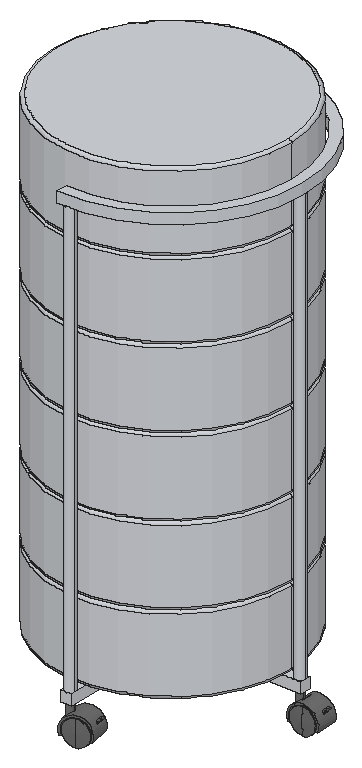
Revit family "CONVO LILY PAD & CART COMBO", category Furniture Systems, Revit 2019
Family settings
  Round Connector Dimension = Use Diameter
  Part Type = Normal
  Work Plane-Based = No
  Always vertical = Yes
  Cut with Voids When Loaded = No
  Shared = No
  Room Calculation Point = No
Parameters (values of type "Cart with 6" Lily Pad")
  URL = "https://fomcore.com/"
  Model = "CONVO LILY PAD & CART COMBO"
  Manufacturer = "FOMCORE"
  Lily Cart = "FK007-CART2"
  Frame = none
  6" PAD = 2
  6" Lily Pad = "FK007-18x6"
  6" Lily pad Fabric-6 = none
  3" Lily pad Fabric-9 = none
  3" Lily pad Fabric-8 = none
  3" Lily pad Fabric-7 = none
  3" Lily pad Fabric-6 = none
  3" Lily pad Fabric-5 = none
  3" Lily pad Fabric-4 = none
  3" Lily pad Fabric-3 = none
  3" Lily pad Fabric-2 = none
  3" Lily pad Fabric-10 = none
  3" Lily pad Fabric-1 = none
  Description = "Combo Products - CONVO LILY PAD & CART COMBO"
  Caster = Black
  6" Lily pad = [6" PAD] = 2  # yes
  6" Lily pad Fabric-5 = none
  6" Lily pad Fabric-4 = none
  6" Lily pad Fabric-3 = none
  6" Lily pad Fabric-2 = none
  6" Lily pad Fabric-1 = none
  3" PAD = 0
  3" Lily pad = [3" PAD] = 1  # no
  3" Lily Pad = "-"
Types (3): name | 6" PAD | 6" Lily Pad | Description | 6" Lily pad | 3" PAD | 3" Lily pad | 3" Lily Pad
  (no name) | 2 | "FK007-18x6" | "Combo Products - CONVO LILY PAD & CART COMBO" | yes | 0 | no | "-"
  Cart with 3" Lily Pad | 0 | "-" | "Combo Products - Convo lily pad & cart combo" | no | 1 | yes | "FK007-18x3"
  Cart with 6" Lily Pad | 2 | "FK007-18x6" | "Combo Products - CONVO LILY PAD & CART COMBO" | yes | 0 | no | "-"
Reference planes (in)
  plane 1 "Center F/B": y = 0
  plane 2: z = 0
  plane 3 "Center L/R": x = 0
  plane 4: x = -10.05532
  plane 5: y = -10.05532
  plane 6: x = 10.05532
  plane 7: y = 10.05532
Forms (in)
  Extrusion 1, solid, material <- "Frame"
    sketch origin (0, 0, 0) x (1, 0, 0) y (0, 1, 0)
      loop
        line (-10.03169, -0.69664) -> (-9.22583, -0.64153)
        arc (-9.22583, -0.64153) -> (6.54802, 6.54801) -> (-0.64152, -9.22583) r 9.25335
        line (-0.64152, -9.22583) -> (-0.69664, -10.0317)
        arc (-0.69664, -10.0317) -> (7.12001, 7.12) -> (-10.03169, -0.69664) r 10.0616
    from 36.19181 to 37.00367
  Extrusion 2, solid, material <- "Frame"
    sketch origin (0, 0, 0) x (1, 0, 0) y (0, 1, 0)
      loop
        circle (0, 0) r 3.93546
    from 3.30986 to 3.42797
  Extrusion 3, solid, material <- "Frame"
    sketch origin (0, 0, 3.30986) x (0, 1, 0) y (1, 0, 0)
      loop
        line (-10.05532, -0.40246) -> (-3.91522, -0.40246) -> (-0.40246, -0.40246) -> (-0.40246, -3.91522) -> (-0.40246, -10.05532) -> (0.40246, -10.05532) -> (0.40246, -3.91522) -> (0.40246, -0.40246) -> (3.91522, -0.40246) -> (10.05532, -0.40246) -> (10.05532, 0.40246) -> (3.91522, 0.40246) -> (0.40246, 0.40246) -> (0.40246, 3.91522) -> (0.40246, 10.05532) -> (-0.40246, 10.05532) -> (-0.40246, 3.91522) -> (-0.40246, 0.40246) -> (-3.91522, 0.40246) -> (-10.05532, 0.40246) -> (-10.05532, -0.40246)
    from 0.00014 to 0.80735
  Extrusion 4, solid, material <- "Frame"
    sketch origin (89.1761, 11.21359, 0) x (1, 0, 0) y (0, 1, 0)
      loop
        circle (-89.17786, -20.87685) r 0.38067
    from 3.3099 to 36.19181
  Extrusion 5, solid, material <- "Frame"
    sketch origin (89.1761, 11.21359, 0) x (1, 0, 0) y (0, 1, 0)
      loop
        circle (-79.51318, -11.21434) r 0.37978
      loop
        circle (-89.17786, -1.54966) r 0.38095
      loop
        circle (-98.84037, -11.21434) r 0.38
    from 3.30986 to 36.19181
  Extrusion 6, solid, material "Black" <- "Caster"
    sketch origin (0, 0, 0) x (1, 0, 0) y (0, 0, 1)
      loop
        line (9.3577, 0.60501) -> (9.51249, 0.60501)
        arc (9.51249, 0.60501) -> (10.49863, 2.04112) -> (11.48477, 0.60501) r 1.05663
        line (11.48477, 0.60501) -> (11.6346, 0.60501)
        arc (11.6346, 0.60501) -> (10.49615, 2.16611) -> (9.3577, 0.60501) r 1.19566
    from -0.79986 to 0.82752
  Extrusion 7, solid, material "Black" <- "Caster"
    sketch origin (0, 0, 0) x (1, 0, 0) y (0, 1, 0)
      loop
        circle (9.66757, 0.00391) r 0.28371
    from 1.33507 to 2.50251
  Extrusion 8, solid, material "Black" <- "Caster"
    sketch origin (0.00781, 0, 0) x (1, 0, 0) y (0, 0, 1)
      loop
        line (9.5502, 0.60501) -> (11.42716, 0.60501)
        arc (11.42716, 0.60501) -> (10.48868, 2.09208) -> (9.5502, 0.60501) r 1.03967
    from -0.20639 to 0.22129
  Extrusion 9, solid, material "Black" <- "Caster"
    sketch origin (0, 0, 0) x (1, 0, 0) y (0, 0, 1)
      loop
        arc (11.78647, 1.94944) -> (11.599, 1.86533) -> (11.52476, 1.67373) r 0.2704
        arc (11.52476, 1.67373) -> (11.5172, 1.64724) -> (11.49607, 1.62955) r 0.04692
        line (11.49607, 1.62955) -> (11.53888, 1.55554)
        arc (11.53888, 1.55554) -> (11.5955, 1.60015) -> (11.62544, 1.66572) r 0.15314
        arc (11.62544, 1.66572) -> (11.67005, 1.7883) -> (11.78647, 1.84715) r 0.17724
        arc (11.78647, 1.84715) -> (11.83762, 1.89829) -> (11.78647, 1.94944) r 0.05114
    from -0.1308 to 0.17154
  Revolve 10, solid, material "Black" <- "Caster"
    sketch origin (10.49705, 0.04137, 0) x (0, 1, 0) y (0, 0, 1)
      loop
        line (-0.87192, 1.95348) -> (-0.94363, 0.97675) -> (-0.56931, 0.97675) -> (-0.56931, 1.95348) -> (-0.87192, 1.95348)
      axis (-0.56931, 0.97675) -> (-0.94363, 0.97675)
    angle from 0 to 360
  Revolve 11, solid, material "Black" <- "Caster"
    sketch origin (10.49705, -0.07262, 0) x (0, -1, 0) y (0, 0, -1)
      loop
        line (-0.87192, -1.95348) -> (-0.56931, -1.95348) -> (-0.56931, -0.97675) -> (-0.94363, -0.97675) -> (-0.87192, -1.95348)
      axis (-0.56931, -0.97675) -> (-0.94363, -0.97675)
    angle from 0 to 360
  Extrusion 12, solid, material "Black" <- "Caster", not visible
    sketch origin (0, 0, 0) x (1, 0, 0) y (0, 0, 1)
      loop
        line (9.3577, 0.60501) -> (9.51249, 0.60501)
        arc (9.51249, 0.60501) -> (10.49863, 2.04112) -> (11.48477, 0.60501) r 1.05663
        line (11.48477, 0.60501) -> (11.6346, 0.60501)
        arc (11.6346, 0.60501) -> (10.49615, 2.16611) -> (9.3577, 0.60501) r 1.19566
    from -0.79986 to 0.82752
  Extrusion 13, solid, material "Black" <- "Caster", not visible
    sketch origin (0, 0, 0) x (1, 0, 0) y (0, 1, 0)
      loop
        circle (9.66757, 0.00391) r 0.28371
    from 1.33507 to 2.50251
  Extrusion 14, solid, material "Black" <- "Caster", not visible
    sketch origin (0, 0, 0) x (1, 0, 0) y (0, 0, 1)
      loop
        line (9.50068, 0.60501) -> (11.48477, 0.60501)
        arc (11.48477, 0.60501) -> (10.49273, 1.95574) -> (9.50068, 0.60501) r 1.03967
    from -0.20639 to 0.22129
  Extrusion 15, solid, material "Black" <- "Caster", not visible
    sketch origin (0, 0, 0) x (1, 0, 0) y (0, 0, 1)
      loop
        arc (11.78647, 1.94944) -> (11.599, 1.86533) -> (11.52476, 1.67373) r 0.2704
        arc (11.52476, 1.67373) -> (11.5172, 1.64724) -> (11.49607, 1.62955) r 0.04692
        line (11.49607, 1.62955) -> (11.53888, 1.55554)
        arc (11.53888, 1.55554) -> (11.5955, 1.60015) -> (11.62544, 1.66572) r 0.15314
        arc (11.62544, 1.66572) -> (11.67005, 1.7883) -> (11.78647, 1.84715) r 0.17724
        arc (11.78647, 1.84715) -> (11.83762, 1.89829) -> (11.78647, 1.94944) r 0.05114
    from -0.1308 to 0.17154
  Revolve 16, solid, material "Black" <- "Caster", not visible
    sketch origin (10.49705, 0.04137, 0) x (0, 1, 0) y (0, 0, 1)
      loop
        line (-0.87192, 1.95348) -> (-0.94363, 0.97675) -> (-0.56931, 0.97675) -> (-0.56931, 1.95348) -> (-0.87192, 1.95348)
      axis (-0.56931, 0.97675) -> (-0.94363, 0.97675)
    angle from 0 to 360
  Revolve 17, solid, material "Black" <- "Caster", not visible
    sketch origin (10.49705, -0.07262, 0) x (0, -1, 0) y (0, 0, -1)
      loop
        line (-0.87192, -1.95348) -> (-0.56931, -1.95348) -> (-0.56931, -0.97675) -> (-0.94363, -0.97675) -> (-0.87192, -1.95348)
      axis (-0.56931, -0.97675) -> (-0.94363, -0.97675)
    angle from 0 to 360
  Extrusion 18, solid, material "Black" <- "Caster"
    sketch origin (-9.48783, -11.51547, 0) x (0.981627, 0.190809, 0) y (0, 0, 1)
      loop
        line (9.3577, 0.60501) -> (9.51249, 0.60501)
        arc (9.51249, 0.60501) -> (10.49863, 2.04112) -> (11.48477, 0.60501) r 1.05663
        line (11.48477, 0.60501) -> (11.6346, 0.60501)
        arc (11.6346, 0.60501) -> (10.49615, 2.16611) -> (9.3577, 0.60501) r 1.19566
    from -0.79986 to 0.82752
  Extrusion 19, solid, material "Black" <- "Caster"
    sketch origin (-9.48783, -11.51547, 0) x (0.981627, 0.190809, 0) y (-0.190809, 0.981627, 0)
      loop
        circle (9.66757, 0.00391) r 0.28371
    from 1.33507 to 2.50251
  Extrusion 20, solid, material "Black" <- "Caster"
    sketch origin (-9.48783, -11.51547, 0) x (0.981627, 0.190809, 0) y (0, 0, 1)
      loop
        line (9.54184, 0.60501) -> (11.44265, 0.60501)
        arc (11.44265, 0.60501) -> (10.49225, 2.06616) -> (9.54184, 0.60501) r 1.03967
    from -0.20639 to 0.22129
  Extrusion 21, solid, material "Black" <- "Caster"
    sketch origin (-9.48783, -11.51547, 0) x (0.981627, 0.190809, 0) y (0, 0, 1)
      loop
        arc (11.78647, 1.94944) -> (11.599, 1.86533) -> (11.52476, 1.67373) r 0.2704
        arc (11.52476, 1.67373) -> (11.5172, 1.64724) -> (11.49607, 1.62955) r 0.04692
        line (11.49607, 1.62955) -> (11.53888, 1.55554)
        arc (11.53888, 1.55554) -> (11.5955, 1.60015) -> (11.62544, 1.66572) r 0.15314
        arc (11.62544, 1.66572) -> (11.67005, 1.7883) -> (11.78647, 1.84715) r 0.17724
        arc (11.78647, 1.84715) -> (11.83762, 1.89829) -> (11.78647, 1.94944) r 0.05114
    from -0.1308 to 0.17154
  Revolve 22, solid, material "Black" <- "Caster"
    sketch origin (0.80847, -9.47193, 0) x (-0.190809, 0.981627, 0) y (0, 0, 1)
      loop
        line (-0.87192, 1.95348) -> (-0.94363, 0.97675) -> (-0.56931, 0.97675) -> (-0.56931, 1.95348) -> (-0.87192, 1.95348)
      axis (-0.56931, 0.97675) -> (-0.94363, 0.97675)
    angle from 0 to 360
  Revolve 23, solid, material "Black" <- "Caster"
    sketch origin (0.83022, -9.58383, 0) x (0.190809, -0.981627, 0) y (0, 0, -1)
      loop
        line (-0.87192, -1.95348) -> (-0.56931, -1.95348) -> (-0.56931, -0.97675) -> (-0.94363, -0.97675) -> (-0.87192, -1.95348)
      axis (-0.56931, -0.97675) -> (-0.94363, -0.97675)
    angle from 0 to 360
  Extrusion 24, solid, material "Black" <- "Caster"
    sketch origin (-18.57026, -3.76903, 0) x (0.920505, 0.390731, 0) y (0, 0, 1)
      loop
        line (9.3577, 0.60501) -> (9.51249, 0.60501)
        arc (9.51249, 0.60501) -> (10.49863, 2.04112) -> (11.48477, 0.60501) r 1.05663
        line (11.48477, 0.60501) -> (11.6346, 0.60501)
        arc (11.6346, 0.60501) -> (10.49615, 2.16611) -> (9.3577, 0.60501) r 1.19566
    from -0.79986 to 0.82752
  Extrusion 25, solid, material "Black" <- "Caster"
    sketch origin (-18.57026, -3.76903, 0) x (0.920505, 0.390731, 0) y (-0.390731, 0.920505, 0)
      loop
        circle (9.66757, 0.00391) r 0.28371
    from 1.33507 to 2.50251
  Extrusion 26, solid, material "Black" <- "Caster"
    sketch origin (-18.57026, -3.76903, 0) x (0.920505, 0.390731, 0) y (0, 0, 1)
      loop
        line (9.50068, 0.60501) -> (11.48477, 0.60501)
        arc (11.48477, 0.60501) -> (10.49273, 1.95574) -> (9.50068, 0.60501) r 1.03967
    from -0.20639 to 0.22129
  Extrusion 27, solid, material "Black" <- "Caster"
    sketch origin (-18.57026, -3.76903, 0) x (0.920505, 0.390731, 0) y (0, 0, 1)
      loop
        arc (11.78647, 1.94944) -> (11.599, 1.86533) -> (11.52476, 1.67373) r 0.2704
        arc (11.52476, 1.67373) -> (11.5172, 1.64724) -> (11.49607, 1.62955) r 0.04692
        line (11.49607, 1.62955) -> (11.53888, 1.55554)
        arc (11.53888, 1.55554) -> (11.5955, 1.60015) -> (11.62544, 1.66572) r 0.15314
        arc (11.62544, 1.66572) -> (11.67005, 1.7883) -> (11.78647, 1.84715) r 0.17724
        arc (11.78647, 1.84715) -> (11.83762, 1.89829) -> (11.78647, 1.94944) r 0.05114
    from -0.1308 to 0.17154
  Revolve 28, solid, material "Black" <- "Caster"
    sketch origin (-8.92384, 0.37058, 0) x (-0.390731, 0.920505, 0) y (0, 0, 1)
      loop
        line (-0.87192, 1.95348) -> (-0.94363, 0.97675) -> (-0.56931, 0.97675) -> (-0.56931, 1.95348) -> (-0.87192, 1.95348)
      axis (-0.56931, 0.97675) -> (-0.94363, 0.97675)
    angle from 0 to 360
  Revolve 29, solid, material "Black" <- "Caster"
    sketch origin (-8.8793, 0.26565, 0) x (0.390731, -0.920505, 0) y (0, 0, -1)
      loop
        line (-0.87192, -1.95348) -> (-0.56931, -1.95348) -> (-0.56931, -0.97675) -> (-0.94363, -0.97675) -> (-0.87192, -1.95348)
      axis (-0.56931, -0.97675) -> (-0.94363, -0.97675)
    angle from 0 to 360
  Extrusion 30, solid, material "Black" <- "Caster"
    sketch origin (-7.72437, 3.85096, 0) x (0.798636, 0.601815, 0) y (0, 0, 1)
      loop
        line (9.3577, 0.60501) -> (9.51249, 0.60501)
        arc (9.51249, 0.60501) -> (10.49863, 2.04112) -> (11.48477, 0.60501) r 1.05663
        line (11.48477, 0.60501) -> (11.6346, 0.60501)
        arc (11.6346, 0.60501) -> (10.49615, 2.16611) -> (9.3577, 0.60501) r 1.19566
    from -0.79986 to 0.82752
  Extrusion 31, solid, material "Black" <- "Caster"
    sketch origin (-7.72437, 3.85096, 0) x (0.798636, 0.601815, 0) y (-0.601815, 0.798636, 0)
      loop
        circle (9.66757, 0.00391) r 0.28371
    from 1.33507 to 2.50251
  Extrusion 32, solid, material "Black" <- "Caster"
    sketch origin (-7.69941, 3.86977, 0) x (0.798636, 0.601815, 0) y (0, 0, 1)
      loop
        line (9.51015, 0.60501) -> (11.34472, 0.60501)
        arc (11.34472, 0.60501) -> (10.42743, 2.13407) -> (9.51015, 0.60501) r 1.03967
    from -0.20639 to 0.22129
  Extrusion 33, solid, material "Black" <- "Caster"
    sketch origin (-7.72437, 3.85096, 0) x (0.798636, 0.601815, 0) y (0, 0, 1)
      loop
        arc (11.78647, 1.94944) -> (11.599, 1.86533) -> (11.52476, 1.67373) r 0.2704
        arc (11.52476, 1.67373) -> (11.5172, 1.64724) -> (11.49607, 1.62955) r 0.04692
        line (11.49607, 1.62955) -> (11.53888, 1.55554)
        arc (11.53888, 1.55554) -> (11.5955, 1.60015) -> (11.62544, 1.66572) r 0.15314
        arc (11.62544, 1.66572) -> (11.67005, 1.7883) -> (11.78647, 1.84715) r 0.17724
        arc (11.78647, 1.84715) -> (11.83762, 1.89829) -> (11.78647, 1.94944) r 0.05114
    from -0.1308 to 0.17154
  Revolve 34, solid, material "Black" <- "Caster"
    sketch origin (0.63406, 10.20128, 0) x (-0.601815, 0.798636, 0) y (0, 0, 1)
      loop
        line (-0.87192, 1.95348) -> (-0.94363, 0.97675) -> (-0.56931, 0.97675) -> (-0.56931, 1.95348) -> (-0.87192, 1.95348)
      axis (-0.56931, 0.97675) -> (-0.94363, 0.97675)
    angle from 0 to 360
  Revolve 35, solid, material "Black" <- "Caster"
    sketch origin (0.70266, 10.11025, 0) x (0.601815, -0.798636, 0) y (0, 0, -1)
      loop
        line (-0.87192, -1.95348) -> (-0.56931, -1.95348) -> (-0.56931, -0.97675) -> (-0.94363, -0.97675) -> (-0.87192, -1.95348)
      axis (-0.56931, -0.97675) -> (-0.94363, -0.97675)
    angle from 0 to 360
  Sweep 36, solid, material <- "3" Lily pad Fabric-1", visible <- "3" Lily pad"
    path origin (0, 0, 6.45) x (1, 0, 0) y (0, 1, 0)
      loop
        circle (0, 0) r 9
    profile origin (0, 9, 6.45) x (0, -1, 0) y (0, 0, 1)
      loop
        line (0, -0.21385) -> (0, -2.78676)
        arc (0, -2.78676) -> (0.08346, -2.93929) -> (0.24639, -3) r 0.24896
        line (0.24639, -3) -> (0.24639, -0.0006)
        arc (0.24639, -0.0006) -> (0.08346, -0.06132) -> (0, -0.21385) r 0.24896
  Extrusion 37, solid, material <- "3" Lily pad Fabric-1", visible <- "3" Lily pad"
    sketch origin (0, 0, 3.45) x (1, 0, 0) y (0, 1, 0)
      loop
        circle (0, 0) r 8.75361
    from 0 to 2.9994
  Sweep 38, solid, material <- "3" Lily pad Fabric-2", visible <- "3" Lily pad"
    path origin (0, 0, 9.4494) x (1, 0, 0) y (0, 1, 0)
      loop
        circle (0, 0) r 9
    profile origin (0, 9, 9.4494) x (0, -1, 0) y (0, 0, 1)
      loop
        line (0, -0.21385) -> (0, -2.78676)
        arc (0, -2.78676) -> (0.08346, -2.93929) -> (0.24639, -3) r 0.24896
        line (0.24639, -3) -> (0.24639, -0.0006)
        arc (0.24639, -0.0006) -> (0.08346, -0.06132) -> (0, -0.21385) r 0.24896
  Extrusion 39, solid, material <- "3" Lily pad Fabric-2", visible <- "3" Lily pad"
    sketch origin (0, 0, 6.4494) x (1, 0, 0) y (0, 1, 0)
      loop
        circle (0, 0) r 8.75361
    from 0 to 2.9994
  Sweep 40, solid, material <- "3" Lily pad Fabric-3", visible <- "3" Lily pad"
    path origin (0, 0, 12.44879) x (1, 0, 0) y (0, 1, 0)
      loop
        circle (0, 0) r 9
    profile origin (0, 9, 12.44879) x (0, -1, 0) y (0, 0, 1)
      loop
        line (0, -0.21385) -> (0, -2.78676)
        arc (0, -2.78676) -> (0.08346, -2.93929) -> (0.24639, -3) r 0.24896
        line (0.24639, -3) -> (0.24639, -0.0006)
        arc (0.24639, -0.0006) -> (0.08346, -0.06132) -> (0, -0.21385) r 0.24896
  Extrusion 41, solid, material <- "3" Lily pad Fabric-3", visible <- "3" Lily pad"
    sketch origin (0, 0, 9.44879) x (1, 0, 0) y (0, 1, 0)
      loop
        circle (0, 0) r 8.75361
    from 0 to 2.9994
  Sweep 42, solid, material <- "3" Lily pad Fabric-4", visible <- "3" Lily pad"
    path origin (0, 0, 15.44819) x (1, 0, 0) y (0, 1, 0)
      loop
        circle (0, 0) r 9
    profile origin (0, 9, 15.44819) x (0, -1, 0) y (0, 0, 1)
      loop
        line (0, -0.21385) -> (0, -2.78676)
        arc (0, -2.78676) -> (0.08346, -2.93929) -> (0.24639, -3) r 0.24896
        line (0.24639, -3) -> (0.24639, -0.0006)
        arc (0.24639, -0.0006) -> (0.08346, -0.06132) -> (0, -0.21385) r 0.24896
  Extrusion 43, solid, material <- "3" Lily pad Fabric-4", visible <- "3" Lily pad"
    sketch origin (0, 0, 12.44819) x (1, 0, 0) y (0, 1, 0)
      loop
        circle (0, 0) r 8.75361
    from 0 to 2.9994
  Sweep 44, solid, material <- "3" Lily pad Fabric-5", visible <- "3" Lily pad"
    path origin (0, 0, 18.44758) x (1, 0, 0) y (0, 1, 0)
      loop
        circle (0, 0) r 9
    profile origin (0, 9, 18.44758) x (0, -1, 0) y (0, 0, 1)
      loop
        line (0, -0.21385) -> (0, -2.78676)
        arc (0, -2.78676) -> (0.08346, -2.93929) -> (0.24639, -3) r 0.24896
        line (0.24639, -3) -> (0.24639, -0.0006)
        arc (0.24639, -0.0006) -> (0.08346, -0.06132) -> (0, -0.21385) r 0.24896
  Extrusion 45, solid, material <- "3" Lily pad Fabric-5", visible <- "3" Lily pad"
    sketch origin (0, 0, 15.44758) x (1, 0, 0) y (0, 1, 0)
      loop
        circle (0, 0) r 8.75361
    from 0 to 2.9994
  Sweep 46, solid, material <- "3" Lily pad Fabric-6", visible <- "3" Lily pad"
    path origin (0, 0, 21.44698) x (1, 0, 0) y (0, 1, 0)
      loop
        circle (0, 0) r 9
    profile origin (0, 9, 21.44698) x (0, -1, 0) y (0, 0, 1)
      loop
        line (0, -0.21385) -> (0, -2.78676)
        arc (0, -2.78676) -> (0.08346, -2.93929) -> (0.24639, -3) r 0.24896
        line (0.24639, -3) -> (0.24639, -0.0006)
        arc (0.24639, -0.0006) -> (0.08346, -0.06132) -> (0, -0.21385) r 0.24896
  Extrusion 47, solid, material <- "3" Lily pad Fabric-6", visible <- "3" Lily pad"
    sketch origin (0, 0, 18.44698) x (1, 0, 0) y (0, 1, 0)
      loop
        circle (0, 0) r 8.75361
    from 0 to 2.9994
  Sweep 48, solid, material <- "3" Lily pad Fabric-7", visible <- "3" Lily pad"
    path origin (0, 0, 24.44637) x (1, 0, 0) y (0, 1, 0)
      loop
        circle (0, 0) r 9
    profile origin (0, 9, 24.44637) x (0, -1, 0) y (0, 0, 1)
      loop
        line (0, -0.21385) -> (0, -2.78676)
        arc (0, -2.78676) -> (0.08346, -2.93929) -> (0.24639, -3) r 0.24896
        line (0.24639, -3) -> (0.24639, -0.0006)
        arc (0.24639, -0.0006) -> (0.08346, -0.06132) -> (0, -0.21385) r 0.24896
  Sweep 49, solid, material <- "3" Lily pad Fabric-8", visible <- "3" Lily pad"
    path origin (0, 0, 27.44577) x (1, 0, 0) y (0, 1, 0)
      loop
        circle (0, 0) r 9
    profile origin (0, 9, 27.44577) x (0, -1, 0) y (0, 0, 1)
      loop
        line (0, -0.21385) -> (0, -2.78676)
        arc (0, -2.78676) -> (0.08346, -2.93929) -> (0.24639, -3) r 0.24896
        line (0.24639, -3) -> (0.24639, -0.0006)
        arc (0.24639, -0.0006) -> (0.08346, -0.06132) -> (0, -0.21385) r 0.24896
  Extrusion 50, solid, material <- "3" Lily pad Fabric-8", visible <- "3" Lily pad"
    sketch origin (0, 0, 24.44577) x (1, 0, 0) y (0, 1, 0)
      loop
        circle (0, 0) r 8.75361
    from 0 to 2.9994
  Sweep 51, solid, material <- "3" Lily pad Fabric-9", visible <- "3" Lily pad"
    path origin (0, 0, 30.44516) x (1, 0, 0) y (0, 1, 0)
      loop
        circle (0, 0) r 9
    profile origin (0, 9, 30.44516) x (0, -1, 0) y (0, 0, 1)
      loop
        line (0, -0.21385) -> (0, -2.78676)
        arc (0, -2.78676) -> (0.08346, -2.93929) -> (0.24639, -3) r 0.24896
        line (0.24639, -3) -> (0.24639, -0.0006)
        arc (0.24639, -0.0006) -> (0.08346, -0.06132) -> (0, -0.21385) r 0.24896
  Extrusion 52, solid, material <- "3" Lily pad Fabric-9", visible <- "3" Lily pad"
    sketch origin (0, 0, 27.44516) x (1, 0, 0) y (0, 1, 0)
      loop
        circle (0, 0) r 8.75361
    from 0 to 2.9994
  Sweep 53, solid, material <- "3" Lily pad Fabric-10", visible <- "3" Lily pad"
    path origin (0, 0, 33.44456) x (1, 0, 0) y (0, 1, 0)
      loop
        circle (0, 0) r 9
    profile origin (0, 9, 33.44456) x (0, -1, 0) y (0, 0, 1)
      loop
        line (0, -0.21385) -> (0, -2.78676)
        arc (0, -2.78676) -> (0.08346, -2.93929) -> (0.24639, -3) r 0.24896
        line (0.24639, -3) -> (0.24639, -0.0006)
        arc (0.24639, -0.0006) -> (0.08346, -0.06132) -> (0, -0.21385) r 0.24896
  Extrusion 54, solid, material <- "3" Lily pad Fabric-10", visible <- "3" Lily pad"
    sketch origin (0, 0, 30.44456) x (1, 0, 0) y (0, 1, 0)
      loop
        circle (0, 0) r 8.75361
    from 0 to 2.9994
  Sweep 55, solid, material <- "6" Lily pad Fabric-1", visible <- "6" Lily pad"
    path origin (0, 0, 9.45) x (1, 0, 0) y (0, 1, 0)
      loop
        circle (0, 0) r 9
    profile origin (0, 9, 9.45) x (0, -1, 0) y (0, 0, 1)
      loop
        line (0, -0.21385) -> (0, -5.78676)
        arc (0, -5.78676) -> (0.08346, -5.93929) -> (0.24639, -6) r 0.24896
        line (0.24639, -6) -> (0.24639, -0.0006)
        arc (0.24639, -0.0006) -> (0.08346, -0.06132) -> (0, -0.21385) r 0.24896
  Extrusion 56, solid, material <- "6" Lily pad Fabric-1", visible <- "6" Lily pad"
    sketch origin (0, 0, 3.45) x (1, 0, 0) y (0, 1, 0)
      loop
        circle (0, 0) r 8.75361
    from 0 to 5.9994
  Sweep 57, solid, material <- "6" Lily pad Fabric-2", visible <- "6" Lily pad"
    path origin (0, 0, 15.4494) x (1, 0, 0) y (0, 1, 0)
      loop
        circle (0, 0) r 9
    profile origin (0, 9, 15.4494) x (0, -1, 0) y (0, 0, 1)
      loop
        line (0, -0.21385) -> (0, -5.78676)
        arc (0, -5.78676) -> (0.08346, -5.93929) -> (0.24639, -6) r 0.24896
        line (0.24639, -6) -> (0.24639, -0.0006)
        arc (0.24639, -0.0006) -> (0.08346, -0.06132) -> (0, -0.21385) r 0.24896
  Extrusion 58, solid, material <- "6" Lily pad Fabric-2", visible <- "6" Lily pad"
    sketch origin (0, 0, 9.4494) x (1, 0, 0) y (0, 1, 0)
      loop
        circle (0, 0) r 8.75361
    from 0 to 5.9994
  Sweep 59, solid, material <- "6" Lily pad Fabric-3", visible <- "6" Lily pad"
    path origin (0, 0, 21.44879) x (1, 0, 0) y (0, 1, 0)
      loop
        circle (0, 0) r 9
    profile origin (0, 9, 21.44879) x (0, -1, 0) y (0, 0, 1)
      loop
        line (0, -0.21385) -> (0, -5.78676)
        arc (0, -5.78676) -> (0.08346, -5.93929) -> (0.24639, -6) r 0.24896
        line (0.24639, -6) -> (0.24639, -0.0006)
        arc (0.24639, -0.0006) -> (0.08346, -0.06132) -> (0, -0.21385) r 0.24896
  Extrusion 60, solid, material <- "6" Lily pad Fabric-3", visible <- "6" Lily pad"
    sketch origin (0, 0, 15.44879) x (1, 0, 0) y (0, 1, 0)
      loop
        circle (0, 0) r 8.75361
    from 0 to 5.9994
  Sweep 61, solid, material <- "6" Lily pad Fabric-4", visible <- "6" Lily pad"
    path origin (0, 0, 27.44819) x (1, 0, 0) y (0, 1, 0)
      loop
        circle (0, 0) r 9
    profile origin (0, 9, 27.44819) x (0, -1, 0) y (0, 0, 1)
      loop
        line (0, -0.21385) -> (0, -5.78676)
        arc (0, -5.78676) -> (0.08346, -5.93929) -> (0.24639, -6) r 0.24896
        line (0.24639, -6) -> (0.24639, -0.0006)
        arc (0.24639, -0.0006) -> (0.08346, -0.06132) -> (0, -0.21385) r 0.24896
  Extrusion 62, solid, material <- "6" Lily pad Fabric-4", visible <- "6" Lily pad"
    sketch origin (0, 0, 21.44819) x (1, 0, 0) y (0, 1, 0)
      loop
        circle (0, 0) r 8.75361
    from 0 to 5.9994
  Sweep 63, solid, material <- "6" Lily pad Fabric-5", visible <- "6" Lily pad"
    path origin (0, 0, 33.44758) x (1, 0, 0) y (0, 1, 0)
      loop
        circle (0, 0) r 9
    profile origin (0, 9, 33.44758) x (0, -1, 0) y (0, 0, 1)
      loop
        line (0, -0.21385) -> (0, -5.78676)
        arc (0, -5.78676) -> (0.08346, -5.93929) -> (0.24639, -6) r 0.24896
        line (0.24639, -6) -> (0.24639, -0.0006)
        arc (0.24639, -0.0006) -> (0.08346, -0.06132) -> (0, -0.21385) r 0.24896
  Extrusion 64, solid, material <- "6" Lily pad Fabric-5", visible <- "6" Lily pad"
    sketch origin (0, 0, 27.44758) x (1, 0, 0) y (0, 1, 0)
      loop
        circle (0, 0) r 8.75361
    from 0 to 5.9994
  Sweep 65, solid, material <- "6" Lily pad Fabric-6", visible <- "6" Lily pad"
    path origin (0, 0, 39.44698) x (1, 0, 0) y (0, 1, 0)
      loop
        circle (0, 0) r 9
    profile origin (0, 9, 39.44698) x (0, -1, 0) y (0, 0, 1)
      loop
        line (0, -0.21385) -> (0, -5.78676)
        arc (0, -5.78676) -> (0.08346, -5.93929) -> (0.24639, -6) r 0.24896
        line (0.24639, -6) -> (0.24639, -0.0006)
        arc (0.24639, -0.0006) -> (0.08346, -0.06132) -> (0, -0.21385) r 0.24896
  Extrusion 66, solid, material <- "6" Lily pad Fabric-6", visible <- "6" Lily pad"
    sketch origin (0, 0, 33.44698) x (1, 0, 0) y (0, 1, 0)
      loop
        circle (0, 0) r 8.75361
    from 0 to 5.9994
Cuts and joins
  joined: Sweep 49, Extrusion 50
  joined: Sweep 65, Extrusion 66
  joined: Sweep 63, Extrusion 64
  joined: Sweep 61, Extrusion 62
  joined: Sweep 59, Extrusion 60
  joined: Sweep 57, Extrusion 58
  joined: Sweep 55, Extrusion 56
  joined: Sweep 53, Extrusion 54
  joined: Sweep 51, Extrusion 52
  joined: Sweep 46, Extrusion 47
  joined: Sweep 44, Extrusion 45
  joined: Sweep 42, Extrusion 43
  joined: Sweep 40, Extrusion 41
  joined: Sweep 38, Extrusion 39
  joined: Sweep 36, Extrusion 37
Dimensions and locks (in)
  plane 7 to plane 5 = 1' - 8.11065"
  plane 4 to plane 6 = 1' - 8.11065"
  aligned and locked: level to plane 2
  aligned and locked: Extrusion 37 to Sweep 36
  aligned and locked: Extrusion 39 to Sweep 38
  aligned and locked: Extrusion 41 to Sweep 40
  aligned and locked: Extrusion 43 to Sweep 42
  aligned and locked: Extrusion 45 to Sweep 44
  aligned and locked: Extrusion 47 to Sweep 46
  aligned and locked: Extrusion 50 to Sweep 49
  aligned and locked: Extrusion 52 to Sweep 51
  aligned and locked: Extrusion 54 to Sweep 53
  aligned and locked: Extrusion 56 to Sweep 55
  aligned and locked: Extrusion 58 to Sweep 57
  aligned and locked: Extrusion 60 to Sweep 59
  aligned and locked: Extrusion 62 to Sweep 61
  aligned and locked: Extrusion 64 to Sweep 63
  aligned and locked: Extrusion 66 to Sweep 65
